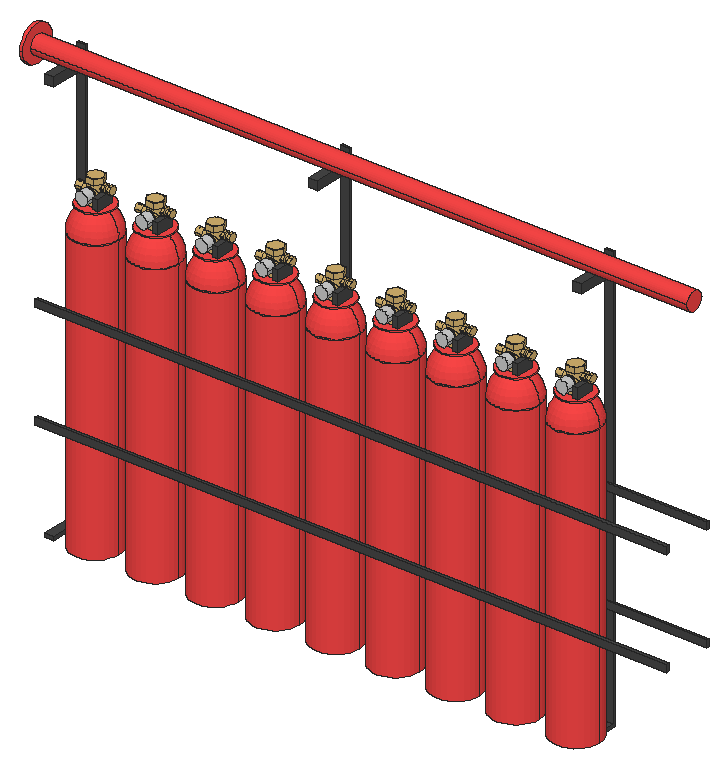
Revit family "Batería de cilindros 80l en simple fila FK-5-1-12_Aguilera Extincion", category Equipos especializados, Revit 2019
Family settings
  Anfitrión = Suelo
  Cota de conector redondo = Radio de uso
  Tipo de pieza = Normal
  Número OmniClass = 23.65.20.14.24
  Título OmniClass = Other Gas Storage Vessels
  Siempre vertical = Sí
  Corte con vacíos al cargar = No
  Compartido = No
  Punto de cálculo de habitación = No
Parameters (values of type "Batería 9 cilindros FK-5-1-12 - 80 l")
  URL = "https://aguilera.es/?productos=sistemas-centralizados-de-67-80-150-y-240l"
  Símbolo texto = yes
  Símbolo = yes
  Rc2 = Radio colector * 2  # 101.6 mm
  Radio colector = Diámetro colector / 2  # 50.8 mm
  R = Diámetro / 2  # 133.5 mm
  Número soportes = 3
  Número de cilindros = 9
  Modelo = "AEX/FKB080-09"
  Lt1 = Lt * 0.9  # 3363.3 mm
  Lt = 3737 mm
  Lci = D2 + 40 mm  # 380 mm
  Lcc = Lt1 / (Número soportes - 0.75)  # 1494.8 mm
  Lc = 340 mm  # constant formula
  Ht = Hc + Diámetro colector  # 2451.6 mm
  Hd = 1770 mm
  H2 = 1200 mm
  H1 = 600 mm
  Fabricante = "Aguilera Extinción"  # constant formula
  Diámetro colector = 101.6 mm
  Descripción = "Batería formada con cilindros de 80 L, fabricados en acero aleado certificados bajo normativa europea TPED para su uso con NOVEC 1230 de 3M. Presión de trabajo 25 bar a 21.1ºC. Pintados en color rojo (RAL 3002).\r\nEquipados con:\r\n– Válvula de descarga KIDDE 2″. Certificada CE y VdS.\r\n– Solenoide KIDDE 24 Vcc de disparo. Certificado CE y VdS (botella piloto).\r\n– Actuador Manual KIDDE. Certificado CE y Vds.(botella piloto)\r\n– Manómetro con presostato KIDDE. Certificado CE y VdS\r\n– Actuador neumático KIDDE. Certificado CE y VdS (botellas esclavas)\r\n– Latiguillos de disparo y descarga. Certificados CE.\r\n– Colector con brida de acoplamiento.\r\n– Válvulas antirretorno. Certificadas CE.\r\n– Conexión de descarga a colector.\r\n– Herrajes para fijación a pared.\r\n– Caperuza de protección para transporte."  # constant formula
  Diámetro = 267 mm
  Hc = 2350 mm  # constant formula
  D2 = 340 mm  # constant formula
  Cilindro = Cilindros autonomos de 5 a 120l FK-5-1-12_Aguilera Extincion : Cilindro autónomo MH5112® (FK-5-1-12) - 80 l
Types (14, lengths in mm): name | Rc2 | Radio colector | Número soportes | Número de cilindros | Modelo | Lt1 | Lt | Lcc | Ht | Diámetro colector
  (no name) | 101.6 | 50.8 | 3 | 9 | "AEX/FKB080-09" | 3363.3 | 3737 | 1494.8 | 2451.6 | 101.6
  Batería 2 cilindros FK-5-1-12 - 80 l | 50.8 | 25.4 | 2 | 2 | "AEX/FKB080-02" | 1155.6 | 1284 | 924.48 | 2400.8 | 50.8
  Batería 3 cilindros FK-5-1-12 - 80 l | 63.5 | 31.75 | 2 | 3 | "AEX/FKB080-03" | 1476 | 1640 | 1180.8 | 2413.5 | 63.5
  Batería 4 cilindros FK-5-1-12 - 80 l | 76.2 | 38.1 | 2 | 4 | "AEX/FKB080-04" | 1782 | 1980 | 1425.6 | 2426.2 | 76.2
  Batería 5 cilindros FK-5-1-12 - 80 l | 76.2 | 38.1 | 2 | 5 | "AEX/FKB080-05" | 2116.8 | 2352 | 1693.44 | 2426.2 | 76.2
  Batería 6 cilindros FK-5-1-12 - 80 l | 76.2 | 38.1 | 2 | 6 | "AEX/FKB080-06" | 2422.8 | 2692 | 1938.24 | 2426.2 | 76.2
  Batería 7 cilindros FK-5-1-12 - 80 l | 101.6 | 50.8 | 3 | 7 | "AEX/FKB080-07" | 2728.8 | 3032 | 1212.8 | 2451.6 | 101.6
  Batería 8 cilindros FK-5-1-12 - 80 l | 101.6 | 50.8 | 3 | 8 | "AEX/FKB080-08" | 3057.3 | 3397 | 1358.8 | 2451.6 | 101.6
  Batería 9 cilindros FK-5-1-12 - 80 l | 101.6 | 50.8 | 3 | 9 | "AEX/FKB080-09" | 3363.3 | 3737 | 1494.8 | 2451.6 | 101.6
  Batería 10 cilindros FK-5-1-12 - 80 l | 101.6 | 50.8 | 3 | 10 | "AEX/FKB080-10" | 3669.3 | 4077 | 1630.8 | 2451.6 | 101.6
  Batería 11 cilindros FK-5-1-12 - 80 l | 127 | 63.5 | 4 | 11 | "AEX/FKB080-11" | 3989.7 | 4433 | 1227.6 | 2477 | 127
  Batería 12 cilindros FK-5-1-12 - 80 l | 127 | 63.5 | 4 | 12 | "AEX/FKB080-12" | 4295.7 | 4773 | 1321.754 | 2477 | 127
  Batería 13 cilindros FK-5-1-12 - 80 l | 127 | 63.5 | 4 | 13 | "AEX/FKB080-13" | 4601.7 | 5113 | 1415.908 | 2477 | 127
  Batería 14 cilindros FK-5-1-12 - 80 l | 127 | 63.5 | 5 | 14 | "AEX/FKB080-14" | 4907.7 | 5453 | 1154.753 | 2477 | 127
Reference planes
  plane 1 "Centro (Frontal/Posterior)": y = 0
  plane 2: z = 0
  plane 3 "Centro (Izquierda/Derecha)": x = 0
  plane 4: y = 133.5
  plane 5: z = 600
  plane 6: z = 1200
  plane 7: z = 1565
  plane 8: z = 1703.58
  plane 9: z = 1770
  plane 10: z = 2350
  plane 11: z = 2451.6
  plane 12: x = -600
  plane 13: x = 3137
  plane 14: y = 153.5
  plane 15: x = -440
  plane 16: y = 40.5
  plane 17: z = 2431.6
Forms (mm)
  Extrusion 1, solid, material "Acero rojo"
    sketch origin (0, 0, 0) x (0, 1, 0) y (0, 0, 1)
      loop
        circle (40.5, 2400.8) r 50.8
    from -600 to 3137
  Extrusion 2, solid, material "Acero rojo"
    sketch origin (0, 0, 0) x (0, 1, 0) y (0, 0, 1)
      loop
        circle (40.5, 2400.8) r 101.6
    from -600 to -582.73
  Extrusion 3, solid, material "Acero negro", detail levels fine
    sketch origin (-745.59, -6000, 600) x (-1, 0, 0) y (0, -1, 0)
      loop
        line (-3882.59, -5864.5) -> (-305.59, -5864.5) -> (-305.59, -5846.113) -> (-3882.59, -5846.113) -> (-3882.59, -5864.5)
    from 40 to 0
  Extrusion 4, solid, material "Acero negro", detail levels fine
    sketch origin (-745.59, -6000, 1200) x (-1, 0, 0) y (0, -1, 0)
      loop
        line (-3882.59, -5864.5) -> (-305.59, -5864.5) -> (-305.59, -5846.113) -> (-3882.59, -5846.113) -> (-3882.59, -5864.5)
    from 40 to 0
  Extrusion 5, solid, material "Acero negro", detail levels fine
    sketch origin (-745.59, -5721, 600) x (-1, 0, 0) y (0, -1, 0)
      loop
        line (-3882.59, -5864.5) -> (-305.59, -5864.5) -> (-305.59, -5854.5) -> (-3882.59, -5854.5) -> (-3882.59, -5864.5)
    from 40 to 0
  Extrusion 6, solid, material "Acero negro", detail levels fine
    sketch origin (-745.59, -5721, 1200) x (-1, 0, 0) y (0, -1, 0)
      loop
        line (-3882.59, -5864.5) -> (-305.59, -5864.5) -> (-305.59, -5854.5) -> (-3882.59, -5854.5) -> (-3882.59, -5864.5)
    from 40 to 0
Dimensions and locks
  "H1": plane 5 to plane 2
  "H2": plane 6 to plane 2
  "Hd": plane 9 to plane 2
  "Hc": plane 10 to plane 2
  locked: plane 9 to plane 8 at 66.42
  locked: plane 9 to plane 7 at 205
  "R": plane 1 "Centro (Frontal/Posterior)" to plane 4
  "Lt": plane 13 to plane 12
  "Ht": plane 11 to plane 2
  locked: plane 11 to plane 17 at 20
  "Ht": Extrusion 1 sketch curve to plane 2
  equal spacing: group 1, group 2, group 5, group 6, group 7, group 8, group 9, group 10, group 11  (x3)
  equal spacing: group 3, group 4, group 12  (x3)
  "Lcc": nested 5 to plane 15
  "Lci": nested 1 to plane 12
  equal spacing: plane 11, Extrusion 2 sketch curve, plane 10
  "Radio colector": radius of Extrusion 1 sketch curve
  "Rc2": radius of Extrusion 2 sketch curve
  aligned and locked: level to plane 2
  aligned and locked: Extrusion 1 to plane 12
  aligned and locked: plane 13 to Extrusion 1
  aligned and locked: Extrusion 2 to plane 12
  aligned and locked: Extrusion 3 sketch curve to plane 15
  aligned and locked: plane 13 to Extrusion 3 sketch curve
  aligned and locked: Extrusion 4 to plane 15
  aligned and locked: plane 13 to Extrusion 4
  aligned and locked: Extrusion 6 to plane 4
  aligned and locked: Extrusion 5 to plane 4
Automatic sketch dimensions
  plane 1 "Centro (Frontal/Posterior)" to Extrusion 3 sketch curve = 135.5 mm
  Extrusion 3 sketch curve to Extrusion 3 sketch curve = 18.387 mm
  Extrusion 4 sketch curve to plane 13 = 0 mm
  Extrusion 4 sketch curve to plane 15 = 0 mm
  plane 1 "Centro (Frontal/Posterior)" to Extrusion 4 sketch curve = 135.5 mm
  Extrusion 4 sketch curve to Extrusion 4 sketch curve = 18.387 mm
  Extrusion 5 sketch curve to plane 13 = 0 mm
  Extrusion 5 sketch curve to plane 15 = 0 mm
  plane 4 to Extrusion 5 sketch curve = 10 mm
  Extrusion 5 sketch curve to plane 4 = 0 mm
  Extrusion 6 sketch curve to plane 13 = 0 mm
  Extrusion 6 sketch curve to plane 15 = 0 mm
  plane 4 to Extrusion 6 sketch curve = 10 mm
  Extrusion 6 sketch curve to plane 4 = 0 mm
  Extrusion 1 sketch curve to plane 16 = 0 mm
  Extrusion 2 sketch curve to plane 16 = 0 mm
Nested families
  nested 1: "Cilindros autonomos de 5 a 120l FK-5-1-12_Aguilera Extincion" at (-220, 0, 0), type <- "Cilindro", type "Cilindro autónomo MH5112® (FK-5-1-12) - 80 l"
    with Soporte no
  nested 2: "Cilindros autonomos de 5 a 120l FK-5-1-12_Aguilera Extincion" at (120, 0, 0), type <- "Cilindro", type "Cilindro autónomo MH5112® (FK-5-1-12) - 80 l"
    with Soporte no
  nested 3: "S_Cilindros_Aguilera Extinción" at (0, 0, 0), visible <- "Símbolo", type "S_Cilindros_Aguilera Extinción", detail levels coarse
  nested 4: "Soporte suelo" at (-60, 153.5, 0), type "Soporte suelo"
    with Ht 2350 mm
  nested 5: "Soporte suelo" at (1434.8, 153.5, 0), type "Soporte suelo"
    with Ht 2350 mm
  nested 6: "Cilindros autonomos de 5 a 120l FK-5-1-12_Aguilera Extincion" at (460, 0, 0), type <- "Cilindro", type "Cilindro autónomo MH5112® (FK-5-1-12) - 80 l"
    with Soporte no
  nested 7: "Cilindros autonomos de 5 a 120l FK-5-1-12_Aguilera Extincion" at (800, 0, 0), type <- "Cilindro", type "Cilindro autónomo MH5112® (FK-5-1-12) - 80 l"
    with Soporte no
  nested 8: "Cilindros autonomos de 5 a 120l FK-5-1-12_Aguilera Extincion" at (1140, 0, 0), type <- "Cilindro", type "Cilindro autónomo MH5112® (FK-5-1-12) - 80 l"
    with Soporte no
  nested 9: "Cilindros autonomos de 5 a 120l FK-5-1-12_Aguilera Extincion" at (1480, 0, 0), type <- "Cilindro", type "Cilindro autónomo MH5112® (FK-5-1-12) - 80 l"
    with Soporte no
  nested 10: "Cilindros autonomos de 5 a 120l FK-5-1-12_Aguilera Extincion" at (1820, 0, 0), type <- "Cilindro", type "Cilindro autónomo MH5112® (FK-5-1-12) - 80 l"
    with Soporte no
  nested 11: "Cilindros autonomos de 5 a 120l FK-5-1-12_Aguilera Extincion" at (2160, 0, 0), type <- "Cilindro", type "Cilindro autónomo MH5112® (FK-5-1-12) - 80 l"
    with Soporte no
  nested 12: "Cilindros autonomos de 5 a 120l FK-5-1-12_Aguilera Extincion" at (2500, 0, 0), type <- "Cilindro", type "Cilindro autónomo MH5112® (FK-5-1-12) - 80 l"
    with Soporte no
  nested 13: "Soporte suelo" at (2929.6, 153.5, 0), type "Soporte suelo"
    with Ht 2350 mm
Connectors
  piping at (-600, 40.5, 2400.8), diameter 101.6, driven by "Radio colector"
    settings: on Extrusion 1, index 1, connector inside diameter 609.6 mm, connector length 0 mm, flow factor 0, pipe flow 0.0 L/s, pressure drop 0.0 Pa, fitting loss kfactor 0, connector angle 0.00°, fixture units 0, engagement length 0 mm, angle of deflection 0.00°, flow configuration 0, flow direction 0, fitting loss method 0, system type 28, joint type 0, gender type 0, connector reference index -1, connector utility 0, adjustable connector no, is connector primary yes, connector description ""
Definition of nested family "Cilindros autonomos de 5 a 120l FK-5-1-12_Aguilera Extincion"
  Parameters (values of type "Cilindro autónomo MH5112® (FK-5-1-12) - 120 l")
    URL = "https://aguilera.es/?productos=botellas-autonomas-de-14-a-345-l"
    Símbolo texto = yes
    Símbolo = yes
    Soporte = yes
    R = Diámetro / 2  # 177.277 mm
    Model = "AEX/FK120"
    L1 = 536 mm
    Hd = 1700 mm
    H2 = 850 mm
    Manufacturer = "Aguilera Extinción"  # constant formula
    Description = "Cilindro de alta presión, fabricado en acero aleado tratado térmicamente sin soldadura (según Directiva Europea 84/525/CEE). Marcado π Presión de trabajo de 42 y 50 bar, presión de pruebas 250 bar, temperatura de servicio de -20ºC a +50ºC, grabados y pintados en color rojo (RAL 3002).\r\nEquipado con:\r\n• Válvula de descarga. Marcada CE según RD: 769/1999. Incluye:\r\n• Solenoide de disparo. (Alimentación 24V y 500mA de consumo)\r\n• Válvula de sobrepresión y disco de seguridad.\r\n• Válvula de alivio.\r\n• Manómetro 42 bar con presostato. Certificado Vds\r\n• Actuador manual\r\n• Herrajes de fijación.\r\n• Brida y caperuza protectora de la válvula y sus accesorios."  # constant formula
    Diámetro = 354.555 mm
    H = 1780 mm
    Aux_R = R / 2  # 88.639 mm
  Types (8, lengths in mm): name | R | Model | L1 | Hd | H2 | Diámetro | H | Aux_R
    (no name) | 177.277 | "AEX/FK120" | 536 | 1700 | 850 | 354.555 | 1780 | 88.639
    Cilindro autónomo MH5112® (FK-5-1-12) - 80 l | 133.5 | "AEX/FK080" | 402 | 1800 | 900 | 267 | 1880 | 66.75
    Cilindro autónomo MH5112® (FK-5-1-12) - 120 l | 177.277 | "AEX/FK120" | 536 | 1700 | 850 | 354.555 | 1780 | 88.639
    Cilindro autónomo MH5112® (FK-5-1-12) - 67 l | 133.5 | "AEX/FK067" | 402 | 1600 | 800 | 267 | 1680 | 66.75
    Cilindro autónomo MH5112® (FK-5-1-12) - 40,2 l | 114.5 | "AEX/FK040" | 364 | 1300 | 650 | 229 | 1380 | 57.25
    Cilindro autónomo MH5112® (FK-5-1-12) - 26,8 l | 146.623 | "AEX/FK026" | 364 | 1000 | 500 | 293.247 | 1080 | 73.312
    Cilindro autónomo MH5112® (FK-5-1-12) - 13,4 l | 70 | "AEX/FK013" | 274 | 1100 | 550 | 140 | 1180 | 35
    Cilindro autónomo MH5112® (FK-5-1-12) - 5 l | 70 | "AEX/FK005" | 274 | 500 | 250 | 140 | 580 | 35
  Reference planes
    plane 1 "Centro (Frontal/Posterior)": y = 0
    plane 2: z = 0
    plane 3 "Centro (Izquierda/Derecha)": x = 0
    plane 4: y = 177.277
    plane 5: z = 850
    plane 6: z = 1495
    plane 7: z = 1633.58
    plane 8: z = 1700
    plane 9: z = 1780
    plane 10: x = -100
    plane 11: x = -177.277
    plane 12: x = 177.277
    plane 13: x = -177.277
    plane 14: x = 177.277
    plane 15: x = -40
  Forms (mm)
    Extrusion 1, solid, detail levels medium+fine
      sketch origin (0, 0, 0) x (1, 0, 0) y (0, 1, 0)
        loop
          circle (0, 0) r 177.277
      from 0 to 1495
    Extrusion 2, solid, detail levels medium+fine
      sketch origin (-745.59, -6000, 1633.58) x (-1, 0, 0) y (0, -1, 0)
        loop
          circle (-745.59, -6000) r 40
      from 0 to 146.42
    Extrusion 3, solid, detail levels medium+fine
      sketch origin (-70, 0, 0) x (0, -1, 0) y (0, 0, 1)
        loop
          circle (0, 1700) r 25
      from -117.506 to -12.56
    Revolve 4, solid, detail levels medium+fine
      sketch origin (0, 0, 0) x (1, 0, 0) y (0, 0, 1)
        loop
          line (0, 1633.58) -> (-40, 1633.58)
          arc (-40, 1633.58) -> (-137.098, 1593.066) -> (-177.277, 1495.829) r 137.752
          line (-177.277, 1495.829) -> (-177.277, 1495) -> (0, 1495) -> (0, 1633.58)
        axis (0, 1633.58) -> (0, 1495)
      angle from 0 to 360
    Extrusion 5, solid, visible <- "Soporte", detail levels fine
      sketch origin (-745.59, -6000, 850) x (-1, 0, 0) y (0, -1, 0)
        loop
          line (-500.812, -6197.277) -> (-500.812, -6177.277) -> (-566.312, -6177.277) -> (-566.312, -6000)
          arc (-566.312, -6000) -> (-745.59, -5820.723) -> (-924.867, -6000) r 179.277
          line (-924.867, -6000) -> (-924.867, -6177.277) -> (-990.367, -6177.277) -> (-990.367, -6197.277) -> (-500.812, -6197.277)
        loop
          arc (-568.312, -6000) -> (-745.59, -5822.723) -> (-922.867, -6000) r 177.277
          line (-922.867, -6000) -> (-922.867, -6177.277) -> (-568.312, -6177.277) -> (-568.312, -6000)
      from 20 to -20
    Extrusion 6, solid, detail levels fine
      sketch origin (-745.59, -6000, 1633.58) x (-1, 0, 0) y (0, -1, 0)
        loop
          circle (-745.59, -6000) r 100
      from 0 to 5.101
    Extrusion 7, solid, detail levels medium+fine
      sketch origin (-745.59, -6000, 1780) x (-1, 0, 0) y (0, -1, 0)
        loop
          line (-769.342, -6041.141) -> (-721.837, -6041.141) -> (-698.084, -6000) -> (-721.837, -5958.859) -> (-769.342, -5958.859) -> (-793.095, -6000) -> (-769.342, -6041.141)
      from 0 to -30.23
    Extrusion 8, solid, detail levels medium+fine
      sketch origin (0.001, -69.978, 0) x (1, 0.000332, 0) y (0, 0, 1)
        loop
          circle (0, 1700) r 35
      from -70 to -28.863
    Extrusion 9, solid, detail levels medium+fine
      sketch origin (-145, 0, 0) x (0, -1, 0) y (0, 0, 1)
        loop
          circle (0, 1700) r 20
        loop
          circle (0, 1700) r 15
      from -87.56 to -45
    Extrusion 10, solid, detail levels medium+fine
      sketch origin (0.001, -127.334, 0) x (1, 0.000332, 0) y (0, 0, 1)
        loop
          circle (0, 1700) r 30
      from -86.218 to -73.878
    Extrusion 11, solid, detail levels medium+fine
      sketch origin (0.001, -157.335, 0) x (1, 0.000332, 0) y (0, 0, 1)
        loop
          circle (0, 1700) r 35
      from -103.928 to -58.906
    Extrusion 12, solid, detail levels fine
      sketch origin (-27.334, -0.23, 26.684) x (0.000332, -1, 0) y (0, 0, 1)
        loop
          circle (-0.222, 1705.463) r 15
      from -108.689 to -58.467
    Extrusion 13, solid, detail levels fine
      sketch origin (146.623, 655.396, 4006.684) x (0, 1, 0) y (0, 0, 1)
        loop
          line (-666.922, -2254.537) -> (-678.469, -2274.537) -> (-666.922, -2294.537) -> (-643.828, -2294.537) -> (-632.281, -2274.537) -> (-643.828, -2254.537) -> (-666.922, -2254.537)
      from -98.997 to -83.977
    Extrusion 14, solid, detail levels fine
      sketch origin (146.623, 655.396, 4006.684) x (0, 1, 0) y (0, 0, 1)
        loop
          line (-666.922, -2254.537) -> (-678.469, -2274.537) -> (-666.922, -2294.537) -> (-643.828, -2294.537) -> (-632.281, -2274.537) -> (-643.828, -2254.537) -> (-666.922, -2254.537)
      from -65.269 to -49.269
    Extrusion 15, solid, detail levels fine
      sketch origin (-100, 837.763, 4000) x (0, 1, 0) y (0, 0, 1)
        loop
          line (-820.012, -2283.976) -> (-917.735, -2283.976) -> (-917.735, -2343.976) -> (-820.012, -2343.976) -> (-820.012, -2283.976)
      from 147.506 to 176.533
  Lines and regions (mm)
    symbolic lines
      curve 1: line (0, 217.277, 0) -> (0, 177.277, 0)
      curve 2: line (-25, 197.277, 0) -> (25, 197.277, 0)
      curve 3: circle (0, 197.277, 0) r 15 normal (0, 0, 1)
  Dimensions and locks
    "H2": plane 5 to plane 2
    "Hd": plane 8 to plane 2
    "H": plane 9 to plane 2
    locked: plane 10 to plane 3 "Centro (Izquierda/Derecha)" at 100
    equal spacing: plane 11, plane 3 "Centro (Izquierda/Derecha)", plane 12
    "Diámetro": plane 11 to plane 12
    locked: plane 8 to plane 7 at 66.42
    locked: plane 8 to plane 6 at 205
    "R": plane 1 "Centro (Frontal/Posterior)" to plane 4
    equal spacing: plane 13, plane 3 "Centro (Izquierda/Derecha)", plane 14
    "Diámetro": plane 13 to plane 14
    equal spacing: Extrusion 5 sketch curve, plane 3 "Centro (Izquierda/Derecha)", Extrusion 5 sketch curve
    "R": Revolve 4 sketch curve to Revolve 4 sketch curve
    locked: Revolve 4 sketch curve to Revolve 4 sketch curve at 0.829
    "Diámetro": diameter of Extrusion 1 sketch curve
    aligned and locked: level to plane 2
    aligned and locked: plane 6 to Extrusion 1
    aligned and locked: plane 9 to Extrusion 2
    aligned and locked: Extrusion 2 to plane 7
    aligned and locked: Revolve 4 sketch curve to plane 3 "Centro (Izquierda/Derecha)"  (x2)
    aligned and locked: Extrusion 5 sketch curve to Extrusion 5 sketch curve  (x2)
    aligned and locked: Extrusion 5 sketch curve to plane 4
    aligned and locked: Extrusion 5 sketch curve to plane 14
    aligned and locked: Extrusion 5 sketch curve to plane 13
    aligned and locked: Revolve 4 sketch curve to plane 6
    aligned and locked: plane 15 to Extrusion 2
    aligned and locked: plane 15 to Revolve 4 sketch curve
    aligned and locked: Extrusion 9 to plane 10
    aligned and locked: Extrusion 15 to Extrusion 3
  Automatic sketch dimensions
    curve 1 to plane 3 "Centro (Izquierda/Derecha)" = 0 mm
    curve 3 to plane 3 "Centro (Izquierda/Derecha)" = 0 mm
    curve 1 to plane 4 = 0 mm
    curve 1 to curve 3 = 20 mm
    curve 2 to plane 3 "Centro (Izquierda/Derecha)" = 25 mm
    plane 3 "Centro (Izquierda/Derecha)" to curve 2 = 25 mm
    plane 4 to curve 2 = 20 mm
    curve 3 to curve 1 = 20 mm
    plane 1 "Centro (Frontal/Posterior)" to Extrusion 2 sketch curve = 0 mm
    Extrusion 2 sketch curve to plane 3 "Centro (Izquierda/Derecha)" = 0 mm
    Extrusion 3 sketch curve to plane 1 "Centro (Frontal/Posterior)" = 0 mm
    Extrusion 3 sketch curve to plane 8 = 0 mm
    plane 1 "Centro (Frontal/Posterior)" to Extrusion 6 sketch curve = 0 mm
    Extrusion 6 sketch curve to plane 3 "Centro (Izquierda/Derecha)" = 0 mm
    plane 1 "Centro (Frontal/Posterior)" to Extrusion 7 sketch curve = 0 mm  (x2)
    plane 3 "Centro (Izquierda/Derecha)" to Extrusion 7 sketch curve = 47.506 mm
    plane 3 "Centro (Izquierda/Derecha)" to Extrusion 7 sketch curve = 23.753 mm  (x2)
    Extrusion 7 sketch curve to plane 3 "Centro (Izquierda/Derecha)" = 23.753 mm  (x2)
    Extrusion 7 sketch curve to Extrusion 7 sketch curve = 23.753 mm
    Extrusion 7 sketch curve to plane 1 "Centro (Frontal/Posterior)" = 41.141 mm
    plane 1 "Centro (Frontal/Posterior)" to Extrusion 7 sketch curve = 41.141 mm
    Extrusion 8 sketch curve to plane 8 = 0 mm
    Extrusion 9 sketch curve to Extrusion 9 sketch curve = 0 mm  (x2)
    Extrusion 9 sketch curve to plane 1 "Centro (Frontal/Posterior)" = 0 mm
    Extrusion 9 sketch curve to plane 8 = 0 mm
    Extrusion 10 sketch curve to plane 8 = 0 mm
    Extrusion 11 sketch curve to plane 8 = 0 mm
    plane 8 to Extrusion 12 sketch curve = 32.147 mm
    plane 1 "Centro (Frontal/Posterior)" to Extrusion 13 sketch curve = 23.073 mm
    plane 1 "Centro (Frontal/Posterior)" to Extrusion 13 sketch curve = 11.526 mm  (x2)
    Extrusion 13 sketch curve to plane 1 "Centro (Frontal/Posterior)" = 11.568 mm  (x2)
    Extrusion 13 sketch curve to Extrusion 13 sketch curve = 11.547 mm
    plane 8 to Extrusion 13 sketch curve = 12.147 mm
    Extrusion 13 sketch curve to Extrusion 13 sketch curve = 20 mm  (x3)
    plane 1 "Centro (Frontal/Posterior)" to Extrusion 14 sketch curve = 23.073 mm
    plane 1 "Centro (Frontal/Posterior)" to Extrusion 14 sketch curve = 11.526 mm  (x2)
    Extrusion 14 sketch curve to plane 1 "Centro (Frontal/Posterior)" = 11.568 mm  (x2)
    Extrusion 14 sketch curve to Extrusion 14 sketch curve = 11.547 mm
    plane 8 to Extrusion 14 sketch curve = 12.147 mm
    Extrusion 14 sketch curve to Extrusion 14 sketch curve = 20 mm  (x3)
    plane 8 to Extrusion 15 sketch curve = 16.024 mm
    plane 1 "Centro (Frontal/Posterior)" to Extrusion 15 sketch curve = 79.972 mm
    Extrusion 15 sketch curve to plane 1 "Centro (Frontal/Posterior)" = 17.752 mm
    plane 7 to Extrusion 15 sketch curve = 22.444 mm
    plane 1 "Centro (Frontal/Posterior)" to Extrusion 1 sketch curve = 0 mm
    Extrusion 1 sketch curve to plane 3 "Centro (Izquierda/Derecha)" = 0 mm
    Revolve 4 sketch curve to plane 7 = 0 mm
    plane 5 to Revolve 4 sketch curve = 8.628 mm
    Revolve 4 sketch curve to plane 8 = 6 mm
    Extrusion 5 sketch curve to Extrusion 5 sketch curve = 0 mm  (x2)
    plane 1 "Centro (Frontal/Posterior)" to Extrusion 5 sketch curve = 0 mm
    Extrusion 5 sketch curve to plane 14 = 2 mm
    Extrusion 5 sketch curve to Extrusion 5 sketch curve = 65.5 mm
    Extrusion 5 sketch curve to Extrusion 5 sketch curve = 20 mm
    radius of curve 3 = 15 mm
    radius of Extrusion 2 sketch curve = 40 mm
    radius of Extrusion 3 sketch curve = 25 mm
    radius of Extrusion 6 sketch curve = 100 mm
    radius of Extrusion 8 sketch curve = 35 mm
    radius of Extrusion 9 sketch curve = 20 mm
    radius of Extrusion 9 sketch curve = 15 mm
    radius of Extrusion 10 sketch curve = 30 mm
    radius of Extrusion 11 sketch curve = 35 mm
    radius of Extrusion 12 sketch curve = 15 mm
  Nested families
    nested 1: "S_Cilindro_Aguilera Extinción" at (0, 0, 0), visible <- "Símbolo", type "S_Cilindro_Aguilera Extinción", detail levels coarse
  Definition of nested family "S_Cilindro_Aguilera Extinción"
    Parameters (values of type "S_Cilindro_Aguilera Extinción")
      Texto símbolo = "Cilindros"
      Texto modelo = yes
      Modelo = "Cilindros"
    Reference planes
      plane 1: y = 0
      plane 2: x = 0
    Lines and regions (mm)
      detail lines
        curve 1: line (-1.703, -1.659, 0) -> (1.659, -1.659, 0)
        curve 2: line (-1.703, 1.659, 0) -> (-1.703, -1.659, 0)
        curve 3: line (1.659, 1.659, 0) -> (-1.703, 1.659, 0)
        curve 4: line (1.659, -1.659, 0) -> (1.659, 1.659, 0)
        curve 5: circle (0, 0, 0) r 1.659 normal (0, 0, 1)
    Text (mm)
      label "Texto símbolo" at (-0.164, 3.111, 0), shows "Texto símbolo"
      label "Modelo" at (-0.164, -2.652, 0), shows "Modelo", visible <- "Texto modelo"
Definition of nested family "Soporte suelo"
  Parameters (values of type "Soporte suelo")
    Ht = 1266.694 mm
  Reference planes
    plane 1 "Centro (Frontal/Posterior)": y = 0
    plane 2: z = 0
    plane 3 "Centro (Izquierda/Derecha)": x = 0
    plane 4: z = 1266.694
  Forms (mm)
    Extrusion 1, solid
      sketch origin (-380, -6153.5, 976.911) x (0, 0, 1) y (0, -1, 0)
        loop
          line (354.783, -6153.5) -> (354.783, -6143.5) -> (289.783, -6143.5) -> (289.783, -5918.5) -> (239.783, -5918.5) -> (239.783, -6143.5) -> (-956.911, -6143.5) -> (-956.911, -5918.5) -> (-976.911, -5918.5) -> (-976.911, -6153.5) -> (354.783, -6153.5)
      from 0 to 50
  Lines and regions (mm)
    symbolic lines
      curve 1: line (-355, 20, 0) -> (-355, -20, 0)
      curve 2: line (-380, 0, 0) -> (-330, 0, 0)
      curve 3: circle (-355, 0, 0) r 15 normal (0, 0, 1)
  Dimensions and locks
    "Ht": plane 4 to plane 2
    aligned and locked: level to plane 2
    aligned and locked: Extrusion 1 sketch curve to plane 4
    aligned and locked: plane 1 "Centro (Frontal/Posterior)" to Extrusion 1 sketch curve
    aligned and locked: level to Extrusion 1 sketch curve
  Automatic sketch dimensions
    plane 1 "Centro (Frontal/Posterior)" to curve 2 = 0 mm
    plane 1 "Centro (Frontal/Posterior)" to curve 3 = 0 mm
    curve 3 to plane 3 "Centro (Izquierda/Derecha)" = 355 mm
    curve 1 to curve 3 = 0 mm
    curve 2 to curve 3 = 25 mm
    curve 3 to curve 2 = 25 mm
    plane 1 "Centro (Frontal/Posterior)" to curve 1 = 20 mm
    curve 1 to plane 1 "Centro (Frontal/Posterior)" = 20 mm
    level to Extrusion 1 sketch curve = 20 mm
    Extrusion 1 sketch curve to plane 4 = 50 mm
    plane 1 "Centro (Frontal/Posterior)" to Extrusion 1 sketch curve = 10 mm  (x2)
    Extrusion 1 sketch curve to Extrusion 1 sketch curve = 65 mm
    Extrusion 1 sketch curve to Extrusion 1 sketch curve = 225 mm  (x2)
    radius of curve 3 = 15 mm
Definition of nested family "S_Cilindros_Aguilera Extinción"
  Parameters (values of type "S_Cilindros_Aguilera Extinción")
    Texto símbolo = "Cilindros"
    Texto modelo = yes
    Modelo = "Cilindros"
  Reference planes
    plane 1: y = 0
    plane 2: x = 0
  Lines and regions (mm)
    detail lines
      curve 1: line (-6.666, -1.659, 0) -> (6.654, -1.659, 0)
      curve 2: line (-6.666, 1.659, 0) -> (-6.666, -1.659, 0)
      curve 3: line (6.654, 1.659, 0) -> (-6.666, 1.659, 0)
      curve 4: line (6.654, -1.659, 0) -> (6.654, 1.659, 0)
      curve 5: circle (-4.976, 0, 0) r 1.659 normal (0, 0, 1)
      curve 6: circle (-1.659, 0, 0) r 1.659 normal (0, 0, 1)
      curve 7: circle (1.659, 0, 0) r 1.659 normal (0, 0, 1)
      curve 8: circle (4.976, 0, 0) r 1.659 normal (0, 0, 1)
  Text (mm)
    label "Texto símbolo" at (-0.164, 3.111, 0), shows "Texto símbolo"
    label "Modelo" at (-0.164, -2.652, 0), shows "Modelo", visible <- "Texto modelo"
